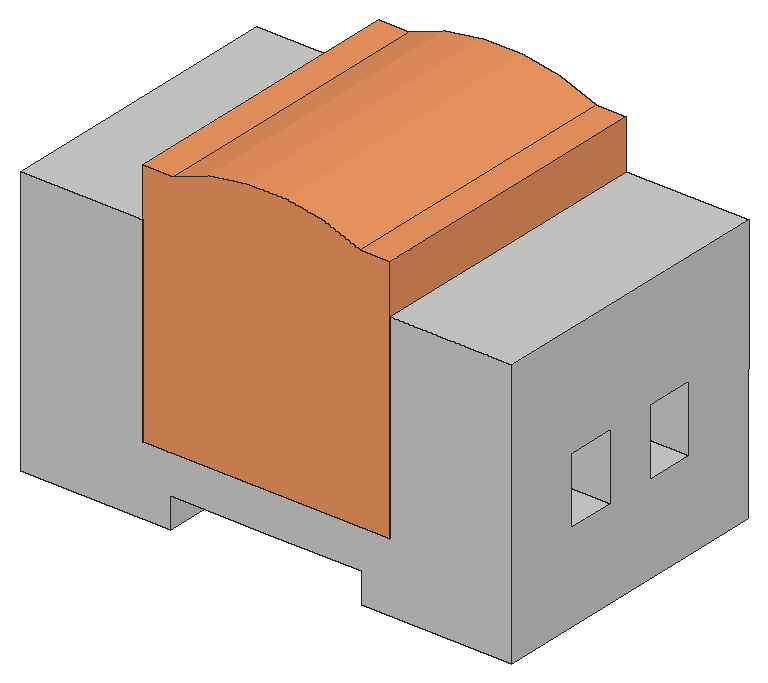
Revit family "PV Kombiableiter", category Generic Models, Revit 2015
Parameters (values of type "V50-B+C 3-PH600")
  Width = 90 mm
  URL = "http://www.obo-bettermann.com"
  Material 2 = OBO PA 6 GF20 RAL 2003
  Material = OBO PA 6 GF20
  Manufacturer Art.No. = "5093623"
  Manufacturer = "OBO Bettermann"
  Length = 54 mm
  Height = 61.8 mm
  GTIN = "4012195478546"
  Cut depth = 12 mm
  Article Type = "V50-B+C 3-PH600"
Types (3, lengths in mm): name | Manufacturer Art.No. | GTIN | Article Type
  (no name) | "5093623" | "4012195478546" | "V50-B+C 3-PH600"
  V50-B+C 3-PH600 | "5093623" | "4012195478546" | "V50-B+C 3-PH600"
  V25-B+C 3-PH900 | "5097447" | "4012195478683" | "V25-B+C 3-PH900"
Reference planes
  plane 1 "Center (Front/Back)": y = 0
  plane 2: z = 0
  plane 3 "Center (Left/Right)": x = 0
  plane 4: z = 54.998
  plane 5: y = 27
  plane 6: y = -27
  plane 7: z = 37
  plane 8: z = 48
  plane 9: z = 46
  plane 10: z = 58
  plane 11: z = 61.8
  plane 12: x = 30.5
Forms (mm)
  Extrusion 1, solid, material "OBO PA 6 GF20" <- "Material"
    sketch origin (0, 0, 0) x (1, 0, 0) y (0, 0, 1)
      loop
        line (0, 5.5) -> (17.5, 5.5) -> (17.5, 0) -> (45, 0) -> (45, 49) -> (-45, 49) -> (-45, 0) -> (-17.5, 0) -> (-17.5, 5.5) -> (0, 5.5)
    from -27 to 27
  Extrusion 2, void
    sketch origin (0, 0, 0) x (1, 0, 0) y (0, 0, 1)
      loop
        line (-22.55, 49) -> (-22.55, 12.55) -> (22.55, 12.55) -> (22.55, 49) -> (-22.55, 49)
    from -27 to 27
  Extrusion 3, solid, material "OBO PA 6 GF20 RAL 2003" <- "Material 2"
    sketch origin (0, 0, 0) x (1, 0, 0) y (0, 0, 1)
      loop
        line (-22.55, 12.55) -> (22.541, 12.55) -> (22.541, 58) -> (17.141, 58)
        arc (17.141, 58) -> (-0.004, 61.8) -> (-17.15, 58) r 40.581
        line (-17.15, 58) -> (-22.55, 58) -> (-22.55, 12.55)
    from -27 to 27
  Extrusion 4, void
    sketch origin (0, 0, 0) x (0, 1, 0) y (0, 0, 1)
      loop
        line (13.5, 28.5) -> (4.5, 28.5) -> (4.5, 16.3) -> (13.5, 16.3) -> (13.5, 28.5)
      loop
        line (-4.5, 28.5) -> (-13.5, 28.5) -> (-13.5, 16.3) -> (-4.5, 16.3) -> (-4.5, 28.5)
    from 30.5 to 45
Cuts and joins
  Extrusion 2, Extrusion 4 cuts Extrusion 1
  Extrusion 4 cuts Extrusion 3
Dimensions and locks
  locked: Extrusion 1 sketch curve to plane 3 "Center (Left/Right)" at 45
  locked: Extrusion 1 sketch curve to level at 5.5
  locked: Extrusion 1 sketch curve to plane 3 "Center (Left/Right)" at 17.5
  "Width": Extrusion 1 sketch curve to Extrusion 1 sketch curve
  locked: plane 3 "Center (Left/Right)" to Extrusion 1 sketch curve at 17.5
  locked: Extrusion 1 sketch curve to level at 49
  "Length": plane 5 to plane 6
  locked: plane 8 to plane 9 at 2
  Extrusion 2 sketch curve to Extrusion 2 sketch curve = 45.1 mm
  equal spacing: Extrusion 2 sketch curve, plane 3 "Center (Left/Right)", Extrusion 2 sketch curve, locked at 22.55 each
  locked: Extrusion 1 to Extrusion 2 sketch curve at 36.45
  locked: plane 10 to cut or joined group of Extrusion 1, Extrusion 2, Extrusion 4 at 9
  "Height": plane 11 to level
  locked: Extrusion 3 sketch curve to Extrusion 3 sketch curve at 5.4  (x2)
  locked: plane 5 to plane 1 "Center (Front/Back)" at 27
  locked: Extrusion 4 sketch curve to Extrusion 4 sketch curve at 12.2
  locked: Extrusion 4 sketch curve to Extrusion 4 sketch curve at 9  (x3)
  equal spacing: Extrusion 4 sketch curve, plane 1 "Center (Front/Back)", Extrusion 4 sketch curve, locked at 4.5 each
  locked: Extrusion 4 sketch curve to level at 16.3
  locked: cut or joined group of Extrusion 1, Extrusion 2, Extrusion 4 to plane 12 at 14.5
  radius of Extrusion 3 sketch curve = 40.581 mm
  aligned and locked: level to plane 2
  aligned and locked: Extrusion 1 to plane 5
  aligned and locked: plane 6 to Extrusion 1
  aligned and locked: level to Extrusion 1 sketch curve
  aligned and locked: Extrusion 2 sketch curve to Extrusion 1
  aligned and locked: Extrusion 1 to Extrusion 2  (x2)
  aligned and locked: cut or joined group of Extrusion 1, Extrusion 2, Extrusion 4 to Extrusion 3 sketch curve
  aligned and locked: Extrusion 3 sketch curve to cut or joined group of Extrusion 1, Extrusion 2, Extrusion 4
  aligned and locked: Extrusion 3 sketch curve to plane 10  (x2)
  aligned and locked: Extrusion 3 to plane 5
  aligned and locked: plane 6 to Extrusion 3
  aligned and locked: Extrusion 4 sketch curve to Extrusion 4 sketch curve  (x2)
  aligned and locked: Extrusion 4 to plane 12
  aligned and locked: Extrusion 1 to Extrusion 4
Automatic sketch dimensions
  Extrusion 1 sketch curve to plane 3 "Center (Left/Right)" = 0 mm
  Extrusion 1 sketch curve to level = 0 mm
  Extrusion 3 sketch curve to plane 3 "Center (Left/Right)" = 0.004 mm
